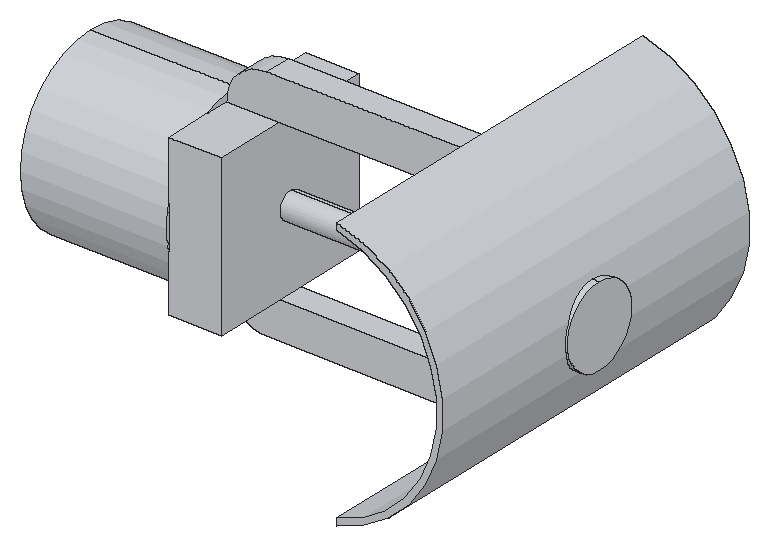
Revit family
Parameters (values of type "RASCO DH56")
  Temperature Rating = 155 °F
  Response = (empty or 0)
  RASCO SIN # = "RA1564"
  RASCO Part # = "DH561B"
  Pressure Rating = "250 PSI"
  Pressure Class = (empty or 0)
  Orifice Size = 1/2"
  Orifice = (empty or 0)
  Model = "DH56"
  Manufacturer = "RASCO"
  K-Factor = 5.6
  Diameter = 3/4"
  Description = "BRONZE FINISH"
  Coverage = (empty or 0)
Reference planes (in)
  plane 1 "Center (Front/Back)": y = 0
  plane 2: z = 0
  plane 3 "Center (Left/Right)": x = 0
Nested families (in)
  nested 1: "RASCO- DH56" at (-1.19729, -7.05097, 1.17818) x (0, 0, -1) z (1, 0, 0), type "RASCO DH56"
Connectors (in)
  piping at (-1.19729, -7.05097, 1.17818)
    settings: on nested 1, index 1, connector radius 107/256", flow factor 0, pipe flow 0 GPM, pressure drop 0.00 psi, fitting loss kfactor 0, connector angle 0.00°, fixture units 0, flow configuration 0, flow direction 0, fitting loss method 0, system type 7, connector reference index -1, connector utility 0, adjustable connector no, is connector primary yes, fitting loss table "", connector description ""
Definition of nested family "RASCO- DH56"
  Parameters (values of type "RASCO DH56")
    Type Comments = ""
    Temperature Rating = 0 °F
    Response = (empty or 0)
    Pressure Rating = "0"
    Pressure Class = (empty or 0)
    Orifice Size = 0"
    Orifice = (empty or 0)
    Model = ""
    Manufacturer = ""
    K-Factor = 0
    Description = ""
    Coverage = (empty or 0)
    Assembly Code = ""
  Reference planes (in)
    plane 1 "Center (Front/Back)": y = 0
    plane 2: z = 0
    plane 3 "ref.2": z = 0.6875
    plane 4 "ref.3": z = 0.9375
    plane 5: x = -0.38065
    plane 6: x = 0.36935
    plane 7 "ref. side 1": y = 0.06402
    plane 8 "ref. side 2": y = -0.06098
    plane 9 "ref.4": z = 1.875
    plane 10 "ref.5": z = 2.3125
    plane 11 "ref.6": z = 2.378
  Forms (in)
    Extrusion 1, solid
      sketch origin (0, 0, 0) x (1, 0, 0) y (0, 1, 0)
        loop
          circle (0, 0) r 0.4175
      from 0 to 0.6875
    Extrusion 2, solid
      sketch origin (-0.12185, 0.05177, 0.6875) x (1, 0, 0) y (0, 1, 0)
        loop
          line (-0.2588, 0.356) -> (-0.2588, -0.4565) -> (0.4912, -0.4565) -> (0.4912, 0.356) -> (-0.2588, 0.356)
      from 0 to 0.25
    Extrusion 3, solid
      sketch origin (0, 0, 0) x (1, 0, 0) y (0, 0, 1)
        loop
          line (-0.38065, 0.68752) -> (-0.38065, 1.76416)
          arc (-0.38065, 1.76416) -> (-0.29541, 1.96995) -> (-0.08962, 2.05519) r 0.29103
          line (-0.08962, 2.05519) -> (0.07524, 2.05519)
          arc (0.07524, 2.05519) -> (0.28321, 1.96905) -> (0.36935, 1.76109) r 0.29411
          line (0.36935, 1.76109) -> (0.36935, 0.6882)
          arc (0.36935, 0.6882) -> (0.49296, 0.74898) -> (0.54293, 0.87734) r 0.18984
          line (0.54293, 0.87734) -> (0.54293, 1.86676)
          arc (0.54293, 1.86676) -> (0.41238, 2.18194) -> (0.09719, 2.3125) r 0.44574
          line (0.09719, 2.3125) -> (-0.12912, 2.3125)
          arc (-0.12912, 2.3125) -> (-0.44418, 2.182) -> (-0.57469, 1.86694) r 0.44556
          line (-0.57469, 1.86694) -> (-0.57469, 0.87876)
          arc (-0.57469, 0.87876) -> (-0.51768, 0.74254) -> (-0.38065, 0.68752) r 0.19126
      from -0.06402 to 0.06098
    Extrusion 4, solid
      sketch origin (0, 0, 0.9375) x (-1, 0, 0) y (0, -1, 0)
        loop
          circle (0.00574, -0.00152) r 0.0625
      from 0 to 1.07045
    Extrusion 5, solid
      sketch origin (0, 0, 1.875) x (-1, 0, 0) y (0, -1, 0)
        loop
          circle (0.00574, -0.00152) r 0.1875
      from 0.13295 to 0.51958
    Extrusion 6, solid
      sketch origin (0, 0, 0) x (1, 0, 0) y (0, 0, 1)
        loop
          arc (-0.62702, 1.88209) -> (-0.01911, 2.35421) -> (0.5888, 1.88209) r 0.62744
          line (0.5888, 1.88209) -> (0.61971, 1.88209)
          arc (0.61971, 1.88209) -> (-0.01911, 2.38421) -> (-0.65794, 1.88209) r 0.65744
          line (-0.65794, 1.88209) -> (-0.62702, 1.88209)
      from -0.89604 to 0.90264
  Cuts and joins
    joined: Extrusion 1, Extrusion 2, Extrusion 4
  Lines and regions (in)
    model lines
      curve 1: line (-0.00574, 0.06402, 1.875) -> (-0.00574, -0.06098, 1.875)
  Dimensions and locks (in)
    Extrusion 3 to Extrusion 3 = 0' - 1.11762"
    Extrusion 5 to cut or joined group of Extrusion 1, Extrusion 2, Extrusion 4 = 0' - 2.39458"
